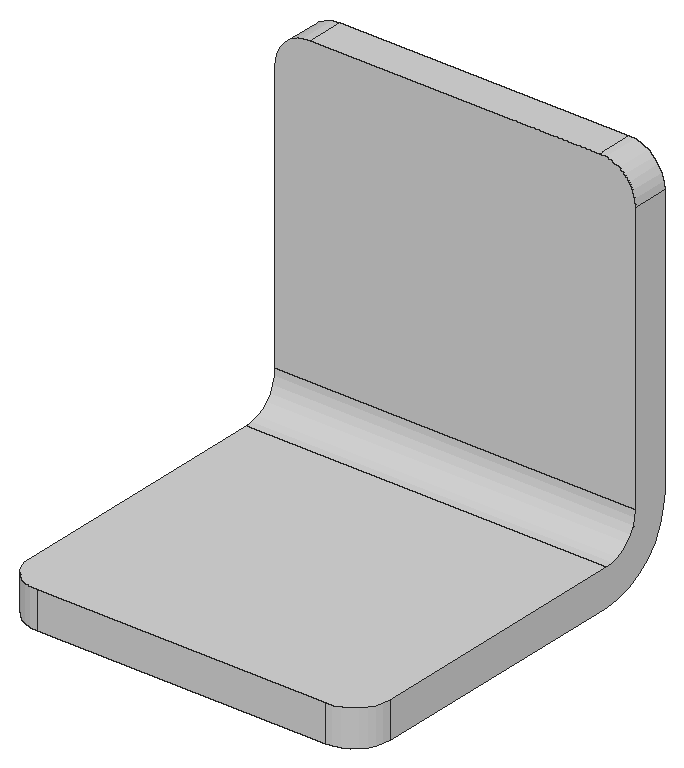
Revit family "Mount_RigidRail_Kattsafe_Side", category Specialty Equipment, Revit 2025
Family settings
  Round Connector Dimension = Use Diameter
  Part Type = Normal
  OmniClass Number = 23.27.71.21
  Work Plane-Based = No
  Enable Cutting in Views = No
  Always vertical = Yes
  Cut with Voids When Loaded = No
  Maintain Annotation Orientation = No
  Shared = No
  Room Calculation Point = No
Parameters (values of type "100mm Bracket (OH266.100)")
  Uniclass2015Version = "Products v1.23"
  Uniclass2015Title = "Brackets"
  Uniclass2015Code = "Pr_20_85_09"
  URL = "https://kattsafe.com.au/"
  Type IFC Predefined Type = "USERDEFINED"
  Type Comments = "Side Mount Bracket - 100mm"
  Thickness = if([100Bracket], 10 mm, 6 mm)  # 10 mm
  SafetyDisclaimer [instance] = "WARNING! The correct placement of access, fall protection and facade maintenance systems is critical to ensure it is fit-for-purpose and safe for the operator to use. Did you know Kattsafe® have a dedicated team of Height Safety System Design Specialists? Kattsafe® provide one-on-one consultation and system design assistance to ensure you are meeting the stringent requirements of height safety and to give you PEACE OF MIND with your project."  # constant formula
  OuterRadiusCalc = Thickness * 2  # 20 mm
  ModifiedIssue = 20240430
  Model = "OH266.100"
  ManufacturerURLProductSpecific = "https://kattsafe.com.au/products/rigid-rails"
  ManufacturerSpecCode = Model  # "OH266.100"
  ManufacturerOverallWidth = 100 mm  # constant formula
  ManufacturerOverallHeight = if([100Bracket], 105 mm, 300 mm)  # 105 mm
  ManufacturerOverallDepth = if([100Bracket], 105 mm, 230 mm)  # 105 mm
  ManufacturerHeightFromFFL [instance] = 0 mm
  Manufacturer = "Kattsafe®"  # constant formula
  IfcExportType = "USERDEFINED"
  IfcExportAs = "IfcBuildingElementProxy"
  Export Type to IFC As = "IfcBuildingElementProxy"
  Description = "Rigid rails provide significant spanning capabilities, making them very versatile where there are limited support structures. The high strength aluminium construction, along with the unique t-bolt assembly makes it a very simple and easily adaptable system to install."  # constant formula
  Default Elevation = 0 mm
  CreatedByURL = "https://igsgroup.com.au"
  CreatedBy = "IGS BIM Solutions"  # constant formula
  Assembly Code = "E1090100"
  200Bracket = not([100Bracket])  # no
  100Bracket = yes
Types (2, lengths in mm): name | Type Comments | Thickness | OuterRadiusCalc | Model | ManufacturerSpecCode | ManufacturerOverallHeight | ManufacturerOverallDepth | 200Bracket | 100Bracket
  200mm Bracket (OH266.200) | "Side Mount Bracket - 200mm" | 6 | 12 | "OH266.200" | "OH266.200" | 300 | 230 | yes | no
  100mm Bracket (OH266.100) | "Side Mount Bracket - 100mm" | 10 | 20 | "OH266.100" | "OH266.100" | 105 | 105 | no | yes
Reference planes
  plane 1 "Center (Front/Back)": y = 247.5
  plane 2 "Ref. Level": z = 0
  plane 3 "Centre (Left/Right)": x = 0
  plane 4 "Back": y = 300
  plane 5 "Front": y = 195
  plane 6 "Right": x = 50
  plane 7 "Left": x = -50
  plane 8 "Bottom": z = 0
  plane 9 "Centre (Elevation)": z = 52.5
  plane 10 "Top": z = 105
Forms (mm)
  Extrusion 1, solid, material "Steel_Stainless_Kattsafe_Satin", visible <- "100Bracket"
    sketch origin (0, 0, 0) x (0, 1, 0) y (0, 0, 1)
      loop
        line (300, 105) -> (290, 105) -> (290, 20)
        arc (290, 20) -> (287.071, 12.929) -> (280, 10) r 10
        line (280, 10) -> (195, 10) -> (195, 0) -> (280, 0)
        arc (280, 0) -> (294.142, 5.858) -> (300, 20) r 20
        line (300, 20) -> (300, 105)
    from -50 to 50
  Extrusion 2, void
    sketch origin (0, 247.5, 0) x (1, 0, 0) y (0, 0, 1)
      loop
        line (-50, 105) -> (-50, 95)
        arc (-50, 95) -> (-47.071, 102.071) -> (-40, 105) r 10
        line (-40, 105) -> (-50, 105)
      loop
        line (50, 105) -> (40, 105)
        arc (40, 105) -> (47.071, 102.071) -> (50, 95) r 10
        line (50, 95) -> (50, 105)
    from -52.5 to -42.5
  Extrusion 3, void
    sketch origin (0, 0, 0) x (0, -1, 0) y (1, 0, 0)
      loop
        line (-205, -50) -> (-195, -50) -> (-195, -40)
        arc (-195, -40) -> (-197.929, -47.071) -> (-205, -50) r 10
      loop
        arc (-205, 50) -> (-197.929, 47.071) -> (-195, 40) r 10
        line (-195, 40) -> (-195, 50) -> (-205, 50)
    from 0 to 10
  Extrusion 4, solid, material "Steel_Galvanised_Kattsafe", visible <- "200Bracket"
    sketch origin (0, 0, 0) x (0, 1, 0) y (0, 0, 1)
      loop
        line (300, 105) -> (250, 105) -> (250, 50) -> (233, 50) -> (195, 12) -> (195, 0) -> (288, 0)
        arc (288, 0) -> (296.485, 3.515) -> (300, 12) r 12
        line (300, 12) -> (300, 105)
    from -50 to 50
  Extrusion 5, void
    sketch origin (0, 0, 0) x (1, 0, 0) y (0, 1, 0)
      loop
        line (-44, 294) -> (-44, 195) -> (44, 195) -> (44, 294) -> (-44, 294)
    from 10 to 105
Cuts and joins
  Extrusion 2, Extrusion 3 cuts Extrusion 1
  Extrusion 5 cuts Extrusion 4
Lines and regions (mm)
  Masking region 1, visible <- "200Bracket"
    outline origin (0, 0, 0) x (0, -1, 0) y (1, 0, 0)
      loop
        arc (-300, -38) -> (-296.485, -46.485) -> (-288, -50) r 12
        line (-288, -50) -> (-195, -50) -> (-195, 50) -> (-288, 50)
        arc (-288, 50) -> (-296.485, 46.485) -> (-300, 38) r 12
        line (-300, 38) -> (-300, -38)
  Masking region 2, visible <- "100Bracket"
    outline origin (0, 0, 0) x (0, -1, 0) y (1, 0, 0)
      loop
        line (-300, 50) -> (-300, -50) -> (-205, -50)
        arc (-205, -50) -> (-197.929, -47.071) -> (-195, -40) r 10
        line (-195, -40) -> (-195, 40)
        arc (-195, 40) -> (-197.929, 47.071) -> (-205, 50) r 10
        line (-205, 50) -> (-300, 50)
  symbolic lines, style "Fall Arrest Systems", visible <- "200Bracket"
    curve 1: line (-44, 288, 0) -> (-44, 195, 0)
    curve 2: line (44, 195, 0) -> (44, 288, 0)
    curve 3: line (38, 294, 0) -> (-38, 294, 0)
    curve 4: arc (-44, 288, 0) -> (-42.243, 292.243, 0) -> (-38, 294, 0) r 6
    curve 5: arc (38, 294, 0) -> (42.243, 292.243, 0) -> (44, 288, 0) r 6
  symbolic lines, style "Fall Arrest Systems", visible <- "100Bracket"
    curve 6: line (-50, 290, 0) -> (50, 290, 0)
Text (mm)
  text "Disclaimer:\nDue to ongoing product development and manufacturing \nevolution, product details are subject to change without \nnotice. Please refer to product technical data sheets on \nthe manufacturers website for the most current product \ninformation. Please allow a +/- 5mm manufacturing \ntolerance for dimensions and set-outs shown in product \nliterature." at (103.437, 158.671, 0), in view "Ref. Level"
Dimensions and locks
  equal spacing: plane 7 "Left", plane 3 "Centre (Left/Right)", plane 6 "Right"
  "ManufacturerOverallWidth": plane 7 "Left" to plane 6 "Right"
  equal spacing: plane 5 "Front", plane 1 "Center (Front/Back)", plane 4 "Back"
  "ManufacturerOverallDepth": plane 5 "Front" to plane 4 "Back"
  equal spacing: plane 10 "Top", plane 9 "Centre (Elevation)", plane 8 "Bottom"
  "ManufacturerOverallHeight": plane 10 "Top" to plane 8 "Bottom"
  "ManufacturerHeightFromFFL": plane 8 "Bottom" to plane 2 "Ref. Level"
  "Thickness": plane 4 "Back" to Extrusion 1 sketch curve
  "Thickness": plane 8 "Bottom" to Extrusion 1 sketch curve
  locked: plane 7 "Left" to Extrusion 5 sketch curve at 6
  locked: Extrusion 5 sketch curve to plane 6 "Right" at 6
  locked: Extrusion 5 sketch curve to plane 4 "Back" at 6
  locked: plane 4 "Back" to Extrusion 4 sketch curve at 50
  locked: plane 8 "Bottom" to Extrusion 4 sketch curve at 12
  locked: plane 8 "Bottom" to Extrusion 4 sketch curve at 50
  "Thickness": radius of Extrusion 1 sketch curve
  "OuterRadiusCalc": radius of Extrusion 1 sketch curve
  radius of Extrusion 2 sketch curve = 10 mm  (x2)
  radius of Extrusion 3 sketch curve = 10 mm  (x2)
  radius of Masking region 1 sketch curve = 12 mm  (x2)
  radius of curve 5 = 6 mm
  radius of curve 4 = 6 mm
  radius of Masking region 2 sketch curve = 10 mm  (x2)
  radius of Extrusion 4 sketch curve = 12 mm
  locked: plane 5 "Front" to Extrusion 4 sketch curve (angle 45.00°)
  aligned and locked: level to plane 2 "Ref. Level"
  aligned and locked: plane 4 "Back" to Extrusion 1 sketch curve
  aligned and locked: plane 10 "Top" to Extrusion 1 sketch curve
  aligned and locked: Extrusion 1 sketch curve to plane 5 "Front"
  aligned and locked: Extrusion 1 to plane 7 "Left"
  aligned and locked: plane 6 "Right" to Extrusion 1
  aligned and locked: Extrusion 2 sketch curve to plane 7 "Left"
  aligned and locked: plane 10 "Top" to Extrusion 2 sketch curve
  aligned and locked: Extrusion 2 sketch curve to plane 10 "Top"
  aligned and locked: Extrusion 2 sketch curve to plane 6 "Right"
  aligned and locked: Extrusion 2 to plane 4 "Back"
  aligned and locked: Extrusion 1 to Extrusion 2
  aligned and locked: Extrusion 3 sketch curve to plane 7 "Left"
  aligned and locked: plane 5 "Front" to Extrusion 3 sketch curve
  aligned and locked: Extrusion 3 sketch curve to plane 5 "Front"
  aligned and locked: Extrusion 3 sketch curve to plane 6 "Right"
  aligned and locked: plane 8 "Bottom" to Extrusion 3
  aligned and locked: Extrusion 3 to cut or joined group of Extrusion 1, Extrusion 2, Extrusion 3
  aligned and locked: Extrusion 4 to plane 7 "Left"
  aligned and locked: plane 6 "Right" to Extrusion 4
  aligned and locked: Extrusion 5 sketch curve to plane 5 "Front"
  aligned and locked: Extrusion 5 to plane 10 "Top"
  aligned and locked: Masking region 1 sketch curve to plane 6 "Right"
  aligned and locked: plane 7 "Left" to Masking region 1 sketch curve
  aligned and locked: Masking region 1 sketch curve to plane 5 "Front"
  aligned and locked: plane 4 "Back" to Masking region 1 sketch curve
  aligned and locked: curve 2 to cut or joined group of Extrusion 4, Extrusion 5
  aligned and locked: cut or joined group of Extrusion 4, Extrusion 5 to curve 3
  aligned and locked: Masking region 2 sketch curve to plane 4 "Back"
  aligned and locked: Masking region 2 sketch curve to plane 5 "Front"
  aligned and locked: Masking region 2 sketch curve to plane 6 "Right"
  aligned and locked: Masking region 2 sketch curve to plane 7 "Left"
  aligned and locked: curve 6 to cut or joined group of Extrusion 1, Extrusion 2, Extrusion 3
  aligned and locked: cut or joined group of Extrusion 4, Extrusion 5 to cut or joined group of Extrusion 1, Extrusion 2, Extrusion 3
  aligned and locked: Extrusion 1 sketch curve to plane 8 "Bottom"
  aligned and locked: Extrusion 4 sketch curve to plane 5 "Front"
  aligned and locked: plane 4 "Back" to Extrusion 4 sketch curve
  aligned and locked: Extrusion 4 sketch curve to plane 8 "Bottom"
  aligned and locked: plane 10 "Top" to Extrusion 4 sketch curve
Automatic sketch dimensions
  plane 5 "Front" to curve 1 = 0 mm
  plane 5 "Front" to curve 2 = 0 mm
  plane 7 "Left" to curve 3 = 12 mm
  curve 6 to plane 7 "Left" = 0 mm
  curve 6 to plane 6 "Right" = 0 mm
